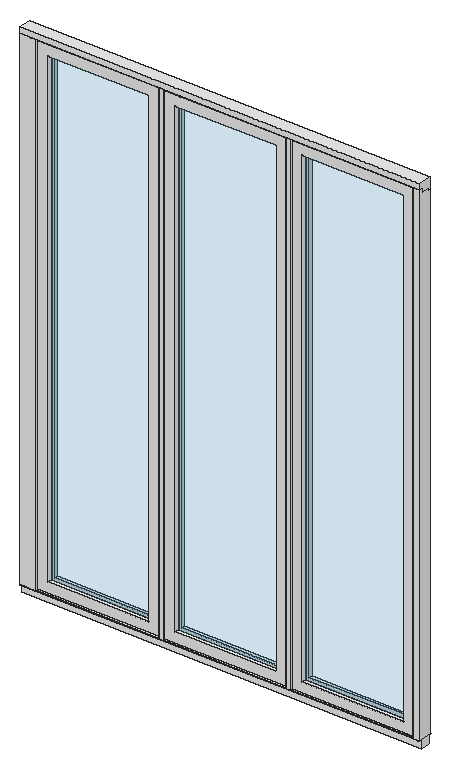
Revit family "Window-NanaWall-SL-73", category Windows, host Wall, Revit 2013 (continued)
Definition of nested family "Header_SL-73"
  Definition of nested family "Head_SL73"
    Lines and regions (in)
      model lines, style "DetailComponents", in view "Ref. Level"
        curve 400: line (0.66535, 0, 0) -> (0.2874, 0, 0)
        curve 401: line (0.25591, -0.0315, 0) -> (0.13427, -0.0315, 0)
        curve 402: line (0.82916, -0.65199, 0) -> (0.84435, -0.63681, 0)
        curve 403: line (0.87795, -0.65073, 0) -> (0.87795, -0.85433, 0)
        curve 404: line (0.93701, -0.91339, 0) -> (0.97638, -0.91339, 0)
        curve 405: line (1.01575, -0.87402, 0) -> (1.01575, -0.85433, 0)
        curve 406: line (1.01575, -0.85433, 0) -> (0.93701, -0.85433, 0)
        curve 407: line (0.93701, -0.85433, 0) -> (0.93701, -0.26772, 0)
        curve 408: line (0.93701, -0.26772, 0) -> (1.49606, -0.26772, 0)
        curve 409: line (1.49606, -0.26772, 0) -> (1.49606, -0.85433, 0)
        curve 410: line (1.49606, -0.85433, 0) -> (1.41732, -0.85433, 0)
        curve 411: line (1.41732, -0.85433, 0) -> (1.41732, -0.87402, 0)
        curve 412: line (1.45669, -0.91339, 0) -> (1.49606, -0.91339, 0)
        curve 413: line (1.49606, -0.91339, 0) -> (1.49606, -1.11024, 0)
        curve 414: line (1.49606, -1.11024, 0) -> (1.00394, -1.11024, 0)
        curve 415: line (0.93307, -1.1811, 0) -> (0.93307, -1.30709, 0)
        curve 416: line (0.93307, -1.30709, 0) -> (0.61024, -1.30709, 0)
        curve 417: line (0.53937, -1.37795, 0) -> (0.53937, -1.4252, 0)
        curve 418: line (0.53937, -1.4252, 0) -> (0.32677, -1.4252, 0)
        curve 419: line (0.32677, -1.4252, 0) -> (0.32677, -0.07087, 0)
        curve 420: line (0.32677, -0.07087, 0) -> (0.63386, -0.07087, 0)
        curve 421: line (0.63386, -0.07087, 0) -> (0.63386, -0.38843, 0)
        curve 422: line (0.63386, -0.38843, 0) -> (0.65748, -0.40206, 0)
        curve 423: line (0.65748, -0.40206, 0) -> (0.65748, -0.56383, 0)
        curve 424: line (0.65748, -0.56383, 0) -> (0.74564, -0.65199, 0)
        curve 425: line (-0.32328, -0.02854, 0) -> (0.04769, -0.02854, 0)
        curve 426: line (-0.00914, -0.09941, 0) -> (-0.26645, -0.09941, 0)
        curve 427: line (-0.52362, -0.10531, 0) -> (-0.50236, -0.10531, 0)
        curve 428: line (-0.50236, -0.10531, 0) -> (-0.42565, -0.14961, 0)
        curve 429: line (0.15006, -0.14961, 0) -> (0.22677, -0.10531, 0)
        curve 430: line (0.22677, -0.10531, 0) -> (0.24803, -0.10531, 0)
        curve 431: line (-0.51969, -0.09161, 0) -> (-0.42565, -0.14961, 0)
        curve 432: line (-0.42565, -0.14961, 0) -> (-0.41591, -0.14961, 0)
        curve 433: line (0.24803, -0.27264, 0) -> (0.22677, -0.27264, 0)
        curve 434: line (0.22677, -0.27264, 0) -> (0.15006, -0.22835, 0)
        curve 435: line (-0.38636, -0.22835, 0) -> (-0.42565, -0.22835, 0)
        curve 436: line (-0.42565, -0.22835, 0) -> (-0.50236, -0.27264, 0)
        curve 437: line (-0.50236, -0.27264, 0) -> (-0.52362, -0.27264, 0)
        curve 438: line (-0.39886, -0.13976, 0) -> (-0.34033, -0.03839, 0)
        curve 439: line (-0.30055, -0.11909, 0) -> (-0.35226, -0.20866, 0)
        curve 440: line (-0.5315, -0.26476, 0) -> (-0.5315, -0.11319, 0)
        curve 441: line (0.25591, -0.11319, 0) -> (0.25591, -0.26476, 0)
        curve 442: line (0.07667, -0.20866, 0) -> (0.02496, -0.11909, 0)
        curve 443: line (0.06474, -0.03839, 0) -> (0.12327, -0.13976, 0)
        curve 444: line (-0.52362, -0.74311, 0) -> (-0.50236, -0.74311, 0)
        curve 445: line (-0.50236, -0.74311, 0) -> (-0.42565, -0.7874, 0)
        curve 446: line (-0.42565, -0.7874, 0) -> (-0.51969, -0.7294, 0)
        curve 447: line (0.15006, -0.7874, 0) -> (0.22677, -0.74311, 0)
        curve 448: line (0.22677, -0.74311, 0) -> (0.24803, -0.74311, 0)
        curve 449: line (-0.42565, -0.7874, 0) -> (-0.38636, -0.7874, 0)
        curve 450: line (0.24803, -0.91043, 0) -> (0.22677, -0.91043, 0)
        curve 451: line (0.22677, -0.91043, 0) -> (0.15006, -0.86614, 0)
        curve 452: line (-0.41591, -0.86614, 0) -> (-0.42565, -0.86614, 0)
        curve 453: line (-0.42565, -0.86614, 0) -> (-0.50236, -0.91043, 0)
        curve 454: line (-0.50236, -0.91043, 0) -> (-0.52362, -0.91043, 0)
        curve 455: line (-0.26645, -0.91634, 0) -> (-0.00914, -0.91634, 0)
        curve 456: line (0.04769, -0.9872, 0) -> (-0.32328, -0.9872, 0)
        curve 457: line (-0.5315, -0.90256, 0) -> (-0.5315, -0.75098, 0)
        curve 458: line (0.02496, -0.89665, 0) -> (0.07667, -0.80709, 0)
        curve 459: line (0.12327, -0.87598, 0) -> (0.06474, -0.97736, 0)
        curve 460: line (0.25591, -0.75098, 0) -> (0.25591, -0.90256, 0)
        curve 461: line (-0.34033, -0.97736, 0) -> (-0.39886, -0.87598, 0)
        curve 462: line (-0.35226, -0.80709, 0) -> (-0.30055, -0.89665, 0)
        curve 463: line (-0.82908, -0.46159, 0) -> (-0.85827, -0.49078, 0)
        curve 464: line (-0.85827, -0.49078, 0) -> (-0.85827, -0.53937, 0)
        curve 465: line (-0.85827, -0.53937, 0) -> (-0.7874, -0.61024, 0)
        curve 466: line (-0.7874, -0.61024, 0) -> (-0.71654, -0.53937, 0)
        curve 467: line (-0.71654, -0.53937, 0) -> (-0.71654, -0.49078, 0)
        curve 468: line (-0.71654, -0.49078, 0) -> (-0.74573, -0.46159, 0)
        curve 469: line (-0.74573, -0.45045, 0) -> (-0.71654, -0.42126, 0)
        curve 470: line (-0.71654, -0.42126, 0) -> (-0.71654, -0.36797, 0)
        curve 471: line (-0.71654, -0.36797, 0) -> (-0.69291, -0.35433, 0)
        curve 472: line (-0.69291, -0.35433, 0) -> (-0.71654, -0.34069, 0)
        curve 473: line (-0.71654, -0.34069, 0) -> (-0.71654, -0.30498, 0)
        curve 474: line (-0.71654, -0.30498, 0) -> (-0.69291, -0.29134, 0)
        curve 475: line (-0.69291, -0.29134, 0) -> (-0.71654, -0.2777, 0)
        curve 476: line (-0.71654, -0.2777, 0) -> (-0.71654, -0.24198, 0)
        curve 477: line (-0.71654, -0.24198, 0) -> (-0.69291, -0.22835, 0)
        curve 478: line (-0.69291, -0.22835, 0) -> (-0.71654, -0.21471, 0)
        curve 479: line (-0.71654, -0.21471, 0) -> (-0.71654, -0.17899, 0)
        curve 480: line (-0.71654, -0.17899, 0) -> (-0.69291, -0.16535, 0)
        curve 481: line (-0.69291, -0.16535, 0) -> (-0.71654, -0.15172, 0)
        curve 482: line (-0.71654, -0.15172, 0) -> (-0.71654, -0.116, 0)
        curve 483: line (-0.71654, -0.116, 0) -> (-0.69291, -0.10236, 0)
        curve 484: line (-0.69291, -0.10236, 0) -> (-0.71654, -0.08872, 0)
        curve 485: line (-0.71654, -0.08872, 0) -> (-0.71654, -0.05118, 0)
        curve 486: line (-0.71654, -0.05118, 0) -> (-0.66535, 0, 0)
        curve 487: line (-0.66535, 0, 0) -> (-0.56299, 0, 0)
        curve 488: line (-0.5315, -0.0315, 0) -> (-0.40987, -0.0315, 0)
        curve 489: line (-0.39085, -0.05628, 0) -> (-0.41365, -0.14138, 0)
        curve 490: line (-0.5315, -0.09843, 0) -> (-0.5315, -0.27953, 0)
        curve 491: line (-0.51969, -0.28635, 0) -> (-0.4252, -0.23179, 0)
        curve 492: line (-0.41339, -0.23861, 0) -> (-0.41339, -0.29317, 0)
        curve 493: line (-0.43307, -0.32726, 0) -> (-0.5315, -0.38409, 0)
        curve 494: line (-0.5315, -0.38409, 0) -> (-0.5315, -0.63166, 0)
        curve 495: line (-0.5315, -0.63166, 0) -> (-0.43307, -0.68849, 0)
        curve 496: line (-0.41339, -0.72258, 0) -> (-0.41339, -0.77714, 0)
        curve 497: line (-0.5315, -0.73622, 0) -> (-0.5315, -0.91732, 0)
        curve 498: line (-0.51969, -0.92414, 0) -> (-0.4252, -0.86959, 0)
        curve 499: line (-0.41365, -0.87437, 0) -> (-0.39085, -0.95947, 0)
        curve 500: line (-0.40987, -0.98425, 0) -> (-0.5315, -0.98425, 0)
        curve 501: line (-0.5315, -0.98425, 0) -> (-0.5315, -1.77559, 0)
        curve 502: line (-0.60236, -1.77559, 0) -> (-0.60236, -1.49606, 0)
        curve 503: line (-0.60236, -1.49606, 0) -> (-0.66142, -1.49606, 0)
        curve 504: line (-0.66142, -1.49606, 0) -> (-0.66997, -1.56446, 0)
        curve 505: line (-0.68169, -1.5748, 0) -> (-0.73564, -1.5748, 0)
        curve 506: line (-0.74736, -1.56446, 0) -> (-0.75591, -1.49606, 0)
        curve 507: line (-0.75591, -1.49606, 0) -> (-0.81496, -1.49606, 0)
        curve 508: line (-0.81496, -1.49606, 0) -> (-0.81496, -1.88189, 0)
        curve 509: line (-0.80709, -1.89303, 0) -> (-0.80709, -1.91732, 0)
        curve 510: line (-0.8189, -1.92913, 0) -> (-0.84646, -1.92913, 0)
        curve 511: line (-0.88583, -1.88976, 0) -> (-0.88583, -0.91339, 0)
        curve 512: line (-0.88583, -0.91339, 0) -> (-1.04253, -0.91339, 0)
        curve 513: line (-1.04253, -0.91339, 0) -> (-1.06299, -0.90157, 0)
        curve 514: line (-1.06299, -0.90157, 0) -> (-1.08345, -0.91339, 0)
        curve 515: line (-1.08345, -0.91339, 0) -> (-1.49606, -0.91339, 0)
        curve 516: line (-1.49606, -0.91339, 0) -> (-1.49606, -1.91732, 0)
        curve 517: line (-1.49606, -1.91732, 0) -> (-1.42913, -1.91732, 0)
        curve 518: line (-1.37008, -1.97638, 0) -> (-1.37008, -2.05512, 0)
        curve 519: line (-1.37008, -2.05512, 0) -> (-1.40945, -2.05512, 0)
        curve 520: line (-1.40945, -2.05512, 0) -> (-1.40945, -1.97638, 0)
        curve 521: line (-1.40945, -1.97638, 0) -> (-1.49606, -1.97638, 0)
        curve 522: line (-1.49606, -1.97638, 0) -> (-1.49606, -2.3622, 0)
        curve 523: line (-1.38976, -2.32283, 0) -> (-1.40945, -2.32283, 0)
        curve 524: line (-1.40945, -2.32283, 0) -> (-1.40945, -2.38189, 0)
        curve 525: line (-1.40945, -2.38189, 0) -> (-1.38976, -2.38189, 0)
        curve 526: line (-1.38976, -2.38189, 0) -> (-1.38976, -2.47972, 0)
        curve 527: line (-1.38976, -2.47972, 0) -> (-1.38976, -2.38189, 0)
        curve 528: line (-1.38976, -2.38189, 0) -> (-1.40945, -2.38189, 0)
        curve 529: line (-1.40945, -2.38189, 0) -> (-1.40945, -2.32283, 0)
        curve 530: line (-1.40945, -2.32283, 0) -> (-1.38976, -2.32283, 0)
        curve 531: line (-1.27953, -2.26378, 0) -> (-1.33071, -2.26378, 0)
        curve 532: line (-1.33071, -2.26378, 0) -> (-1.27953, -2.26378, 0)
        curve 533: line (-1.24016, -2.33071, 0) -> (-1.24016, -2.30315, 0)
        curve 534: line (-1.24016, -2.30315, 0) -> (-1.24016, -2.33071, 0)
        curve 535: line (-1.25984, -2.47244, 0) -> (-1.27953, -2.47244, 0)
        curve 536: line (-1.27953, -2.47244, 0) -> (-1.27953, -2.51969, 0)
        curve 537: line (-1.27953, -2.51969, 0) -> (-1.33071, -2.51969, 0)
        curve 538: line (-1.33071, -2.51969, 0) -> (-1.33071, -2.30315, 0)
        curve 539: line (-1.33071, -2.30315, 0) -> (-1.27953, -2.30315, 0)
        curve 540: line (-1.27953, -2.30315, 0) -> (-1.27953, -2.35039, 0)
        curve 541: line (-1.27953, -2.35039, 0) -> (-1.25984, -2.35039, 0)
        curve 542: line (-1.25984, -2.35039, 0) -> (-1.27953, -2.35039, 0)
        curve 543: line (-1.27953, -2.35039, 0) -> (-1.27953, -2.30315, 0)
        curve 544: line (-1.27953, -2.30315, 0) -> (-1.33071, -2.30315, 0)
        curve 545: line (-1.33071, -2.30315, 0) -> (-1.33071, -2.51969, 0)
        curve 546: line (-1.33071, -2.51969, 0) -> (-1.27953, -2.51969, 0)
        curve 547: line (-1.27953, -2.51969, 0) -> (-1.27953, -2.47244, 0)
        curve 548: line (-1.27953, -2.47244, 0) -> (-1.25984, -2.47244, 0)
        curve 549: line (-1.24016, -2.49213, 0) -> (-1.24016, -2.55906, 0)
        curve 550: line (-1.24016, -2.55906, 0) -> (-1.37795, -2.55906, 0)
        curve 551: line (-1.5748, -2.3622, 0) -> (-1.5748, 0, 0)
        curve 552: line (-1.5748, 0, 0) -> (-1.45675, 0, 0)
        curve 553: line (-1.45675, 0, 0) -> (-1.44093, -0.05906, 0)
        curve 554: line (-1.44093, -0.05906, 0) -> (-1.51967, -0.05906, 0)
        curve 555: line (-1.51967, -0.05906, 0) -> (-1.51967, -0.19685, 0)
        curve 556: line (-1.51967, -0.19685, 0) -> (-1.24093, -0.19685, 0)
        curve 557: line (-1.24093, -0.19685, 0) -> (-1.22047, -0.20866, 0)
        curve 558: line (-1.22047, -0.20866, 0) -> (-1.20002, -0.19685, 0)
        curve 559: line (-1.20002, -0.19685, 0) -> (-0.94488, -0.19685, 0)
        curve 560: line (-0.94488, -0.19685, 0) -> (-0.94488, -0.05906, 0)
        curve 561: line (-0.94488, -0.05906, 0) -> (-1.02362, -0.05906, 0)
        curve 562: line (-1.02362, -0.05906, 0) -> (-1.0078, 0, 0)
        curve 563: line (-1.0078, 0, 0) -> (-0.90945, 0, 0)
        curve 564: line (-0.90945, 0, 0) -> (-0.85827, -0.05118, 0)
        curve 565: line (-0.85827, -0.05723, 0) -> (-0.88189, -0.07087, 0)
        curve 566: line (-0.88189, -0.07087, 0) -> (-0.85827, -0.0845, 0)
        curve 567: line (-0.85827, -0.0845, 0) -> (-0.85827, -0.12022, 0)
        curve 568: line (-0.85827, -0.12022, 0) -> (-0.88189, -0.13386, 0)
        curve 569: line (-0.88189, -0.13386, 0) -> (-0.85827, -0.1475, 0)
        curve 570: line (-0.85827, -0.1475, 0) -> (-0.85827, -0.18321, 0)
        curve 571: line (-0.85827, -0.18321, 0) -> (-0.88189, -0.19685, 0)
        curve 572: line (-0.88189, -0.19685, 0) -> (-0.85827, -0.21049, 0)
        curve 573: line (-0.85827, -0.21049, 0) -> (-0.85827, -0.2462, 0)
        curve 574: line (-0.85827, -0.2462, 0) -> (-0.88189, -0.25984, 0)
        curve 575: line (-0.88189, -0.25984, 0) -> (-0.85827, -0.27348, 0)
        curve 576: line (-0.85827, -0.27348, 0) -> (-0.85827, -0.3092, 0)
        curve 577: line (-0.85827, -0.3092, 0) -> (-0.88189, -0.32283, 0)
        curve 578: line (-0.88189, -0.32283, 0) -> (-0.85827, -0.33647, 0)
        curve 579: line (-0.85827, -0.33647, 0) -> (-0.85827, -0.37219, 0)
        curve 580: line (-0.85827, -0.37219, 0) -> (-0.88189, -0.38583, 0)
        curve 581: line (-0.88189, -0.38583, 0) -> (-0.85827, -0.39946, 0)
        curve 582: line (-0.85827, -0.39946, 0) -> (-0.85827, -0.42126, 0)
        curve 583: line (-0.85827, -0.42126, 0) -> (-0.82908, -0.45045, 0)
        curve 584: line (0.41339, -3.0717, 0) -> (0.41339, -2.93784, 0)
        curve 585: line (0.41339, -2.93784, 0) -> (0.41339, -3.0717, 0)
        curve 586: line (0.41339, -3.0717, 0) -> (0.41339, -3.1063, 0)
        curve 587: line (-0.5315, -3.0717, 0) -> (-0.5315, -2.93784, 0)
        curve 588: line (0.39764, -3.08745, 0) -> (0.38346, -3.08745, 0)
        curve 589: line (0.38346, -3.08745, 0) -> (0.35864, -3.07312, 0)
        curve 590: line (0.35864, -3.07312, 0) -> (0.33676, -3.06049, 0)
        curve 591: line (0.33379, -3.05877, 0) -> (0.3261, -3.05433, 0)
        curve 592: line (0.3261, -3.05433, 0) -> (0.31942, -3.05047, 0)
        curve 593: line (0.2958, -3.04414, 0) -> (-0.41391, -3.04414, 0)
        curve 594: line (-0.43753, -3.05047, 0) -> (-0.44421, -3.05433, 0)
        curve 595: line (-0.44421, -3.05433, 0) -> (-0.4519, -3.05877, 0)
        curve 596: line (-0.45487, -3.06049, 0) -> (-0.47675, -3.07312, 0)
        curve 597: line (-0.47675, -3.07312, 0) -> (-0.50157, -3.08745, 0)
        curve 598: line (-0.50157, -3.08745, 0) -> (-0.51575, -3.08745, 0)
        curve 599: line (-0.5315, -3.1063, 0) -> (-0.5315, -3.0717, 0)
        curve 600: line (-0.5315, -3.0717, 0) -> (-0.5315, -2.93784, 0)
        curve 601: line (-0.5315, -2.93784, 0) -> (-0.5315, -2.91732, 0)
        curve 602: line (-0.5315, -2.91732, 0) -> (-0.50197, -2.91732, 0)
        curve 603: line (-0.50157, -2.9221, 0) -> (-0.51575, -2.9221, 0)
        curve 604: line (-0.43753, -2.95907, 0) -> (-0.45079, -2.95142, 0)
        curve 605: line (-0.45079, -2.95142, 0) -> (-0.50157, -2.9221, 0)
        curve 606: line (-0.50157, -2.9221, 0) -> (-0.44882, -2.94801, 0)
        curve 607: line (0.2958, -2.9654, 0) -> (-0.41391, -2.9654, 0)
        curve 608: line (0.39764, -2.9221, 0) -> (0.38346, -2.9221, 0)
        curve 609: line (0.38346, -2.9221, 0) -> (0.33268, -2.95142, 0)
        curve 610: line (0.33268, -2.95142, 0) -> (0.31942, -2.95907, 0)
        curve 611: line (0.41339, -2.34168, 0) -> (0.41339, -2.47554, 0)
        curve 612: line (-0.5315, -2.34168, 0) -> (-0.5315, -2.47554, 0)
        curve 613: line (-0.5315, -2.47554, 0) -> (-0.5315, -2.34168, 0)
        curve 614: line (-0.5315, -2.34168, 0) -> (-0.5315, -2.30709, 0)
        curve 615: line (0.39764, -2.49129, 0) -> (0.38346, -2.49129, 0)
        curve 616: line (0.38346, -2.49129, 0) -> (0.33268, -2.46197, 0)
        curve 617: line (0.33268, -2.46197, 0) -> (0.32677, -2.45856, 0)
        curve 618: line (0.32677, -2.45856, 0) -> (0.31942, -2.45431, 0)
        curve 619: line (0.2958, -2.44798, 0) -> (-0.41391, -2.44798, 0)
        curve 620: line (-0.43753, -2.45431, 0) -> (-0.45079, -2.46197, 0)
        curve 621: line (-0.45079, -2.46197, 0) -> (-0.50157, -2.49129, 0)
        curve 622: line (-0.50157, -2.49129, 0) -> (-0.51575, -2.49129, 0)
        curve 623: line (-0.43753, -2.36291, 0) -> (-0.44421, -2.35906, 0)
        curve 624: line (-0.44421, -2.35906, 0) -> (-0.4519, -2.35462, 0)
        curve 625: line (-0.45487, -2.3529, 0) -> (-0.47675, -2.34027, 0)
        curve 626: line (-0.47675, -2.34027, 0) -> (-0.50157, -2.32594, 0)
        curve 627: line (-0.50157, -2.32594, 0) -> (-0.51575, -2.32594, 0)
        curve 628: line (0.2958, -2.36924, 0) -> (-0.41391, -2.36924, 0)
        curve 629: line (0.39764, -2.32594, 0) -> (0.38346, -2.32594, 0)
        curve 630: line (0.38346, -2.32594, 0) -> (0.35864, -2.34027, 0)
        curve 631: line (0.35864, -2.34027, 0) -> (0.33676, -2.3529, 0)
        curve 632: line (0.33379, -2.35462, 0) -> (0.3261, -2.35906, 0)
        curve 633: line (0.3261, -2.35906, 0) -> (0.31942, -2.36291, 0)
        curve 634: line (-0.43307, -2.90551, 0) -> (-0.43307, -2.94801, 0)
        curve 635: line (-0.4735, -3.07875, 0) -> (-0.45162, -3.06612, 0)
        curve 636: line (-0.43719, -3.06014, 0) -> (-0.42243, -3.11524, 0)
        curve 637: line (-0.41102, -3.12399, 0) -> (-0.35433, -3.12399, 0)
        curve 638: line (-0.35433, -3.12399, 0) -> (-0.35433, -3.13187, 0)
        curve 639: line (-0.40008, -3.16682, 0) -> (-0.40782, -3.17456, 0)
        curve 640: line (-0.40782, -3.17456, 0) -> (-0.51191, -3.16827, 0)
        curve 641: line (-0.68871, -3.12015, 0) -> (-0.67554, -3.16929, 0)
        curve 642: line (-0.67554, -3.16929, 0) -> (-0.52849, -3.16929, 0)
        curve 643: line (-1.11024, -3.6811, 0) -> (-1.11024, -3.16929, 0)
        curve 644: line (-1.11024, -3.16929, 0) -> (-0.97244, -3.16929, 0)
        curve 645: line (-0.97244, -3.16929, 0) -> (-0.97244, -3.12992, 0)
        curve 646: line (-0.97244, -3.12992, 0) -> (-1.11024, -3.11024, 0)
        curve 647: line (-1.11024, -3.11024, 0) -> (-1.11024, -2.97638, 0)
        curve 648: line (-1.11024, -2.97638, 0) -> (-0.61024, -2.97638, 0)
        curve 649: line (-0.61024, -2.97638, 0) -> (-0.61024, -3.11024, 0)
        curve 650: line (-0.61024, -3.11024, 0) -> (-0.6811, -3.11024, 0)
        curve 651: line (-0.8937, -3.86597, 0) -> (-0.8937, -3.55118, 0)
        curve 652: line (-0.83465, -3.49213, 0) -> (-0.75591, -3.49213, 0)
        curve 653: line (-0.74803, -3.53937, 0) -> (-0.74803, -3.57874, 0)
        curve 654: line (-0.74803, -3.57874, 0) -> (-0.70866, -3.57874, 0)
        curve 655: line (-0.70866, -3.57874, 0) -> (-0.70866, -3.53937, 0)
        curve 656: line (-0.70866, -3.53937, 0) -> (-0.70866, -3.57874, 0)
        curve 657: line (-0.70866, -3.57874, 0) -> (-0.74803, -3.57874, 0)
        curve 658: line (-0.74803, -3.57874, 0) -> (-0.74803, -3.53937, 0)
        curve 659: line (-0.74803, -3.53937, 0) -> (-0.82677, -3.53937, 0)
        curve 660: line (-0.82677, -3.53937, 0) -> (-0.82677, -3.89764, 0)
        curve 661: line (-0.82677, -3.89764, 0) -> (-0.74803, -3.89764, 0)
        curve 662: line (-0.74803, -3.89764, 0) -> (-0.74803, -3.85827, 0)
        curve 663: line (-0.74803, -3.85827, 0) -> (-0.70866, -3.85827, 0)
        curve 664: line (-0.70866, -3.85827, 0) -> (-0.70866, -3.95669, 0)
        curve 665: line (-0.70866, -3.95669, 0) -> (-0.90551, -3.95669, 0)
        curve 666: line (-1.1811, -3.6811, 0) -> (-1.1811, -2.24409, 0)
        curve 667: line (-0.98452, -2.29324, 0) -> (-0.99769, -2.24409, 0)
        curve 668: line (-0.6811, -2.30315, 0) -> (-0.61024, -2.30315, 0)
        curve 669: line (-0.61024, -2.30315, 0) -> (-0.61024, -2.43701, 0)
        curve 670: line (-0.61024, -2.43701, 0) -> (-1.11024, -2.43701, 0)
        curve 671: line (-1.11024, -2.43701, 0) -> (-1.11024, -2.30315, 0)
        curve 672: line (-1.11024, -2.30315, 0) -> (-0.99213, -2.30315, 0)
        curve 673: line (-0.52849, -2.24409, 0) -> (-0.67554, -2.24409, 0)
        curve 674: line (-0.67554, -2.24409, 0) -> (-0.68871, -2.29324, 0)
        curve 675: line (-0.51191, -2.24511, 0) -> (-0.41407, -2.23655, 0)
        curve 676: line (-0.41407, -2.23655, 0) -> (-0.40008, -2.24656, 0)
        curve 677: line (-0.35433, -2.28152, 0) -> (-0.35433, -2.28939, 0)
        curve 678: line (-0.35433, -2.28939, 0) -> (-0.40986, -2.28939, 0)
        curve 679: line (-0.42243, -2.29815, 0) -> (-0.43719, -2.35324, 0)
        curve 680: line (-0.45162, -2.34727, 0) -> (-0.4735, -2.33464, 0)
        curve 681: line (-0.5315, -2.47554, 0) -> (-0.5315, -2.49606, 0)
        curve 682: line (-0.5315, -2.49606, 0) -> (-0.50197, -2.49606, 0)
        curve 683: line (-0.49961, -2.4947, 0) -> (-0.44882, -2.46538, 0)
        curve 684: line (-0.43307, -2.46538, 0) -> (-0.43307, -2.50787, 0)
        curve 685: line (-0.5, -2.5748, 0) -> (-0.5315, -2.5748, 0)
        curve 686: line (-0.5315, -2.5748, 0) -> (-0.5315, -2.83858, 0)
        curve 687: line (-0.5315, -2.83858, 0) -> (-0.5, -2.83858, 0)
        curve 688: line (-0.61024, -2.50394, 0) -> (-0.61024, -2.90945, 0)
        curve 689: line (-0.61024, -2.90945, 0) -> (-1.11024, -2.90945, 0)
        curve 690: line (-1.11024, -2.90945, 0) -> (-1.11024, -2.50394, 0)
        curve 691: line (-1.11024, -2.50394, 0) -> (-0.61024, -2.50394, 0)
        curve 692: line (0.5706, -3.12015, 0) -> (0.55743, -3.16929, 0)
        curve 693: line (0.55743, -3.16929, 0) -> (0.41038, -3.16929, 0)
        curve 694: line (0.41038, -2.24409, 0) -> (0.45276, -2.24409, 0)
        curve 695: line (0.33351, -2.34727, 0) -> (0.35538, -2.33464, 0)
        curve 696: line (0.30432, -2.29815, 0) -> (0.31908, -2.35324, 0)
        curve 697: line (0.23622, -2.28152, 0) -> (0.23622, -2.28939, 0)
        curve 698: line (0.23622, -2.28939, 0) -> (0.29291, -2.28939, 0)
        curve 699: line (0.3938, -2.24511, 0) -> (0.28971, -2.23883, 0)
        curve 700: line (0.28971, -2.23883, 0) -> (0.28197, -2.24656, 0)
        curve 701: line (0.49213, -2.28346, 0) -> (0.49213, -2.43701, 0)
        curve 702: line (0.49213, -2.43701, 0) -> (0.74803, -2.43701, 0)
        curve 703: line (0.74803, -2.43701, 0) -> (0.74803, -2.16929, 0)
        curve 704: line (0.76772, -1.95276, 0) -> (0.7874, -1.95276, 0)
        curve 705: line (0.7874, -1.95276, 0) -> (0.7874, -1.91339, 0)
        curve 706: line (0.7874, -1.91339, 0) -> (0.94488, -1.91339, 0)
        curve 707: line (0.94488, -1.91339, 0) -> (0.94488, -2.18898, 0)
        curve 708: line (0.94488, -2.18898, 0) -> (0.7874, -2.18898, 0)
        curve 709: line (0.7874, -2.18898, 0) -> (0.7874, -2.14961, 0)
        curve 710: line (0.7874, -2.14961, 0) -> (0.76772, -2.14961, 0)
        curve 711: line (0.74803, -1.93307, 0) -> (0.74803, -1.88583, 0)
        curve 712: line (0.7874, -1.84646, 0) -> (0.94488, -1.84646, 0)
        curve 713: line (0.94488, -1.84646, 0) -> (0.94488, -1.7005, 0)
        curve 714: line (1.08241, -1.70269, 0) -> (1.06924, -1.65354, 0)
        curve 715: line (1.06924, -1.65354, 0) -> (0.98082, -1.66128, 0)
        curve 716: line (1.38583, -1.7126, 0) -> (1.50394, -1.7126, 0)
        curve 717: line (1.50394, -1.7126, 0) -> (1.50394, -1.84646, 0)
        curve 718: line (1.50394, -1.84646, 0) -> (1.00394, -1.84646, 0)
        curve 719: line (1.00394, -1.84646, 0) -> (1.00394, -1.7126, 0)
        curve 720: line (1.00394, -1.7126, 0) -> (1.0748, -1.7126, 0)
        curve 721: line (1.39139, -1.65354, 0) -> (1.37822, -1.70269, 0)
        curve 722: line (1.5748, -1.65354, 0) -> (1.5748, -3.16929, 0)
        curve 723: line (1.5748, -3.16929, 0) -> (1.43315, -3.16929, 0)
        curve 724: line (1.43315, -3.16929, 0) -> (1.41732, -3.11024, 0)
        curve 725: line (1.41732, -3.11024, 0) -> (1.49606, -3.11024, 0)
        curve 726: line (1.49606, -3.11024, 0) -> (1.49606, -2.97244, 0)
        curve 727: line (1.49606, -2.97244, 0) -> (0.94488, -2.97244, 0)
        curve 728: line (0.94488, -2.97244, 0) -> (0.94488, -3.11024, 0)
        curve 729: line (0.94488, -3.11024, 0) -> (1.02362, -3.11024, 0)
        curve 730: line (1.02362, -3.11024, 0) -> (1.0078, -3.16929, 0)
        curve 731: line (1.0078, -3.16929, 0) -> (0.82052, -3.16929, 0)
        curve 732: line (0.82052, -3.16929, 0) -> (0.80735, -3.12015, 0)
        curve 733: line (0.56299, -3.11024, 0) -> (0.49213, -3.11024, 0)
        curve 734: line (0.49213, -3.11024, 0) -> (0.49213, -2.97638, 0)
        curve 735: line (0.49213, -2.97638, 0) -> (0.88583, -2.97638, 0)
        curve 736: line (0.88583, -2.97638, 0) -> (0.88583, -3.11024, 0)
        curve 737: line (0.88583, -3.11024, 0) -> (0.81496, -3.11024, 0)
        curve 738: line (0.3938, -3.16827, 0) -> (0.29596, -3.17683, 0)
        curve 739: line (0.29596, -3.17683, 0) -> (0.28197, -3.16682, 0)
        curve 740: line (0.23622, -3.13187, 0) -> (0.23622, -3.12399, 0)
        curve 741: line (0.23622, -3.12399, 0) -> (0.29291, -3.12399, 0)
        curve 742: line (0.30432, -3.11524, 0) -> (0.31908, -3.06014, 0)
        curve 743: line (0.33351, -3.06612, 0) -> (0.35538, -3.07875, 0)
        curve 744: line (0.41339, -2.93784, 0) -> (0.41339, -2.91732, 0)
        curve 745: line (0.41339, -2.91732, 0) -> (0.38386, -2.91732, 0)
        curve 746: line (0.3815, -2.91869, 0) -> (0.33071, -2.94801, 0)
        curve 747: line (0.31496, -2.94801, 0) -> (0.31496, -2.90551, 0)
        curve 748: line (0.38189, -2.83858, 0) -> (0.41339, -2.83858, 0)
        curve 749: line (0.41339, -2.83858, 0) -> (0.41339, -2.5748, 0)
        curve 750: line (0.41339, -2.5748, 0) -> (0.38189, -2.5748, 0)
        curve 751: line (0.31496, -2.46538, 0) -> (0.31496, -2.50787, 0)
        curve 752: line (0.41339, -2.30709, 0) -> (0.41339, -2.34168, 0)
        curve 753: line (0.41339, -2.34168, 0) -> (0.41339, -2.47554, 0)
        curve 754: line (0.41339, -2.47554, 0) -> (0.41339, -2.49606, 0)
        curve 755: line (0.41339, -2.49606, 0) -> (0.38386, -2.49606, 0)
        curve 756: line (0.3815, -2.4947, 0) -> (0.33071, -2.46538, 0)
        curve 757: line (1.01181, -2.18898, 0) -> (1.01181, -1.91339, 0)
        curve 758: line (1.01181, -1.91339, 0) -> (1.50394, -1.91339, 0)
        curve 759: line (1.50394, -1.91339, 0) -> (1.50394, -2.43701, 0)
        curve 760: line (1.50394, -2.43701, 0) -> (1.46457, -2.43701, 0)
        curve 761: line (0.81496, -2.43701, 0) -> (0.81496, -2.25591, 0)
        curve 762: line (0.81496, -2.25591, 0) -> (0.94488, -2.25591, 0)
        curve 763: line (1.4252, -2.47638, 0) -> (1.4252, -2.50394, 0)
        curve 764: line (1.4252, -2.50394, 0) -> (1.50394, -2.50394, 0)
        curve 765: line (1.50394, -2.50394, 0) -> (1.50394, -2.90945, 0)
        curve 766: line (1.50394, -2.90945, 0) -> (0.49213, -2.90945, 0)
        curve 767: line (0.49213, -2.90945, 0) -> (0.49213, -2.50394, 0)
        curve 768: line (0.49213, -2.50394, 0) -> (0.74803, -2.50394, 0)
        curve 769: line (-1.33071, -2.50591, 0) -> (-1.29134, -2.50591, 0)
        curve 770: line (-1.29134, -2.50591, 0) -> (-1.29134, -2.31693, 0)
        curve 771: line (-1.29134, -2.31693, 0) -> (-1.33071, -2.31693, 0)
        curve 772: line (-1.17323, -2.41142, 0) -> (-1.29134, -2.41142, 0)
        curve 773: line (-1.29134, -2.41142, 0) -> (-1.17323, -2.39059, 0)
        curve 774: line (-1.29134, -2.37144, 0) -> (-1.17323, -2.35061, 0)
        curve 775: line (-1.29134, -2.39143, 0) -> (-1.17323, -2.3706, 0)
        curve 776: line (-1.29134, -2.41142, 0) -> (-1.17323, -2.43224, 0)
        curve 777: line (-1.29134, -2.43141, 0) -> (-1.17323, -2.45223, 0)
        curve 778: line (-1.29134, -2.45139, 0) -> (-1.17323, -2.47222, 0)
        curve 779: line (-0.70866, -3.95669, 0) -> (-0.70866, -3.85827, 0)
        curve 780: line (-0.70866, -3.85827, 0) -> (-0.74803, -3.85827, 0)
        curve 781: line (-0.74803, -3.85827, 0) -> (-0.74803, -3.89764, 0)
        curve 782: line (-0.51192, -3.26772, 0) -> (0.1495, -3.26772, 0)
        curve 783: line (-0.60443, -3.26772, 0) -> (-0.60443, -3.16929, 0)
        curve 784: line (-0.60443, -3.16929, 0) -> (0.7378, -3.26772, 0)
        curve 785: line (0.7378, -3.26772, 0) -> (0.20236, -3.26772, 0)
        curve 786: line (0.20236, -3.26772, 0) -> (-0.60443, -3.26772, 0)
        curve 787: line (-0.60443, -3.26772, 0) -> (0.7378, -3.16929, 0)
        curve 788: line (0.7378, -3.16929, 0) -> (-0.60443, -3.16929, 0)
        curve 789: line (0.7378, -3.16929, 0) -> (0.7378, -3.26772, 0)
        curve 790: line (-0.47631, -3.37145, 0) -> (-0.53003, -3.42516, 0)
        curve 791: line (-0.53003, -3.44637, 0) -> (-0.47631, -3.50008, 0)
        curve 792: line (-0.47631, -3.5213, 0) -> (-0.53003, -3.57501, 0)
        curve 793: line (-0.53003, -3.59622, 0) -> (-0.47631, -3.64994, 0)
        curve 794: line (-0.47631, -3.67115, 0) -> (-0.53003, -3.72486, 0)
        curve 795: line (-0.53003, -3.74608, 0) -> (-0.47631, -3.79979, 0)
        curve 796: line (-0.47631, -3.821, 0) -> (-0.53003, -3.87472, 0)
        curve 797: line (-0.53003, -3.89593, 0) -> (-0.47631, -3.94964, 0)
        curve 798: line (-0.47631, -3.97086, 0) -> (-0.53003, -4.02457, 0)
        curve 799: line (-0.53003, -4.04578, 0) -> (-0.46131, -4.1145, 0)
        curve 800: line (-0.47613, -4.1395, 0) -> (-0.78693, -4.05038, 0)
        curve 801: line (-0.80866, -4.02154, 0) -> (-0.80866, -3.96169, 0)
        curve 802: line (-0.80866, -3.96169, 0) -> (-0.70866, -3.96169, 0)
        curve 803: line (-0.70866, -3.96169, 0) -> (-0.70866, -3.84827, 0)
        curve 804: line (-0.70866, -3.84827, 0) -> (-0.75803, -3.84827, 0)
        curve 805: line (-0.75803, -3.84827, 0) -> (-0.75803, -3.87327, 0)
        curve 806: line (-0.77376, -3.88146, 0) -> (-0.82177, -3.84784, 0)
        curve 807: line (-0.82177, -3.84784, 0) -> (-0.82177, -3.80323, 0)
        curve 808: line (-0.82177, -3.80323, 0) -> (-0.71589, -3.77486, 0)
        curve 809: line (-0.69366, -3.74588, 0) -> (-0.69366, -3.69112, 0)
        curve 810: line (-0.71589, -3.66215, 0) -> (-0.82177, -3.63378, 0)
        curve 811: line (-0.82177, -3.63378, 0) -> (-0.82177, -3.58916, 0)
        curve 812: line (-0.82177, -3.58916, 0) -> (-0.77376, -3.55555, 0)
        curve 813: line (-0.75803, -3.56374, 0) -> (-0.75803, -3.58874, 0)
        curve 814: line (-0.75803, -3.58874, 0) -> (-0.70866, -3.58874, 0)
        curve 815: line (-0.70866, -3.58874, 0) -> (-0.70866, -3.47213, 0)
        curve 816: line (-0.70866, -3.47213, 0) -> (-0.79866, -3.47213, 0)
        curve 817: line (-0.79866, -3.47213, 0) -> (-0.79866, -3.29213, 0)
        curve 818: line (-0.79866, -3.29213, 0) -> (-0.53442, -3.29213, 0)
        curve 819: line (-0.53442, -3.29213, 0) -> (-0.47631, -3.35023, 0)
        curve 820: line (0.79603, -3.79135, 0) -> (0.6763, -3.81246, 0)
        curve 821: line (0.68587, -3.86674, 0) -> (0.8056, -3.84563, 0)
        curve 822: line (0.69511, -4.06054, 0) -> (0.97636, -4.01094, 0)
        curve 823: line (0.97636, -4.01094, 0) -> (1.00786, -3.95639, 0)
        curve 824: line (1.00786, -3.95639, 0) -> (0.92912, -3.95639, 0)
        curve 825: line (0.92912, -3.95639, 0) -> (0.92912, -3.85797, 0)
        curve 826: line (0.92912, -3.85797, 0) -> (0.96061, -3.85797, 0)
        curve 827: line (0.96061, -3.85797, 0) -> (0.71287, -3.38888, 0)
        curve 828: line (0.65717, -3.4183, 0) -> (0.824, -3.73419, 0)
        curve 829: line (0.93159, -3.87765, 0) -> (0.93159, -3.91702, 0)
        curve 830: line (0.93159, -3.91702, 0) -> (0.93159, -3.87765, 0)
        curve 831: line (0.93159, -3.65324, 0) -> (0.93159, -3.6808, 0)
        curve 832: line (0.93159, -3.6808, 0) -> (0.93159, -3.65324, 0)
        curve 833: line (1.0497, -3.66112, 0) -> (1.0497, -3.89734, 0)
        curve 834: line (1.0497, -3.89734, 0) -> (0.97096, -3.89734, 0)
        curve 835: line (0.97096, -3.89734, 0) -> (0.97096, -3.85797, 0)
        curve 836: line (0.97096, -3.85797, 0) -> (0.95127, -3.85797, 0)
        curve 837: line (0.95127, -3.85797, 0) -> (0.97096, -3.85797, 0)
        curve 838: line (0.97096, -3.85797, 0) -> (0.97096, -3.89734, 0)
        curve 839: line (0.97096, -3.89734, 0) -> (1.0497, -3.89734, 0)
        curve 840: line (1.0497, -3.89734, 0) -> (1.0497, -3.66112, 0)
        curve 841: line (1.0497, -3.66112, 0) -> (0.97096, -3.66112, 0)
        curve 842: line (0.97096, -3.66112, 0) -> (0.97096, -3.70049, 0)
        curve 843: line (0.97096, -3.70049, 0) -> (0.95128, -3.70049, 0)
        curve 844: line (0.95128, -3.70049, 0) -> (0.97096, -3.70049, 0)
        curve 845: line (0.97096, -3.70049, 0) -> (0.97096, -3.66112, 0)
        curve 846: line (0.97096, -3.66112, 0) -> (1.0497, -3.66112, 0)
        curve 847: line (1.26799, -3.13794, 0) -> (1.26799, -3.16929, 0)
        curve 848: line (1.26799, -3.16929, 0) -> (1.26799, -3.13794, 0)
        curve 849: line (1.33885, -3.16929, 0) -> (1.33885, -3.15748, 0)
        curve 850: line (1.33885, -3.15748, 0) -> (1.33885, -3.16929, 0)
        curve 851: line (1.37822, -3.11811, 0) -> (1.37822, -3.10203, 0)
        curve 852: line (1.37822, -3.10203, 0) -> (1.37822, -3.11811, 0)
        curve 853: line (1.49606, -3.88946, 0) -> (1.49606, -3.27953, 0)
        curve 854: line (1.49606, -3.27953, 0) -> (1.49606, -3.88946, 0)
        curve 855: line (1.49606, -3.88946, 0) -> (1.08907, -3.88946, 0)
        curve 856: line (1.08907, -3.88946, 0) -> (1.08907, -3.65324, 0)
        curve 857: line (1.08907, -3.65324, 0) -> (1.08907, -3.88946, 0)
        curve 858: line (1.08907, -3.88946, 0) -> (1.49606, -3.88946, 0)
        curve 859: line (0.9513, -3.02229, 0) -> (0.94422, -3.06104, 0)
        curve 860: line (0.94422, -3.06104, 0) -> (0.9513, -3.02229, 0)
        curve 861: line (0.9907, -3.06952, 0) -> (0.99494, -3.04626, 0)
        curve 862: line (0.99494, -3.04626, 0) -> (1.25184, -3.11858, 0)
        curve 863: line (1.25184, -3.11858, 0) -> (0.99494, -3.04626, 0)
        curve 864: line (0.99494, -3.04626, 0) -> (0.9907, -3.06952, 0)
        curve 865: line (0.97096, -3.95639, 0) -> (1.5748, -3.95639, 0)
        curve 866: line (1.5748, -3.95639, 0) -> (1.5748, -3.16929, 0)
        curve 867: line (1.5748, -3.16929, 0) -> (1.53937, -3.16929, 0)
        curve 868: line (1.53937, -3.16929, 0) -> (1.5748, -3.16929, 0)
        curve 869: line (1.5748, -3.16929, 0) -> (1.5748, -3.95639, 0)
        curve 870: line (1.5748, -3.95639, 0) -> (0.97096, -3.95639, 0)
        curve 871: line (1.51969, -3.18898, 0) -> (1.35854, -3.18898, 0)
        curve 872: line (1.35854, -3.18898, 0) -> (1.51969, -3.18898, 0)
        curve 873: line (1.35854, -3.25984, 0) -> (1.47638, -3.25984, 0)
        curve 874: line (1.47638, -3.25984, 0) -> (1.35854, -3.25984, 0)
        curve 875: line (1.0497, -3.61387, 0) -> (0.97096, -3.61387, 0)
        curve 876: line (0.97096, -3.61387, 0) -> (1.0497, -3.61387, 0)
        curve 877: line (1.36209, -3.0827, 0) -> (1.059, -3.00193, 0)
        curve 878: line (1.059, -3.00193, 0) -> (1.36209, -3.0827, 0)
        curve 879: arc (0.9513, -3.02229, 0) -> (0.96766, -2.99696, 0) -> (0.99715, -2.99064, 0) r 0.03937
        curve 880: arc (0.99715, -2.99064, 0) -> (1.00284, -2.98951, 0) -> (1.00621, -2.98479, 0) r 0.00787
Definition of nested family "Left-Jamb_SL-73"
  Parameters (values of type "Left-Jamb_SL-73")
    built-in parameter 1001301 = 12"
    Left Jamb = Metal - NanaWall - Aluminum
    Height = 118 139/256"
    Half = yes
    Filler = Rubber - NanaWall - Black
    Assembly Code = ""
  Reference planes (in)
    plane 1 "Center (Front/Back)": y = 0
    plane 2: z = 0
    plane 3 "Center (Left/Right)": x = -7.30207
    plane 4 "Top": z = 118.54297
    plane 5: x = -2.78425
    plane 6: y = 1.5748
    plane 7: y = -1.5748
  Forms (in)
    Extrusion 1, solid, material "Metal - NanaWall - Aluminum" <- "Left Jamb"
      sketch origin (0, 0.06668, 0) x (1, 0, 0) y (0, 1, 0)
        loop
          line (-7.30207, -1.64148) -> (-4.74301, -1.64148) -> (-4.74301, -1.24778) -> (-2.78425, -1.24778) -> (-2.78425, 0.54355) -> (-3.36506, 0.54355) -> (-3.36506, 1.50812) -> (-7.30207, 1.50812) -> (-7.30207, -1.64148)
      from 0 to 118.54297
    Extrusion 2, solid, material "Rubber - NanaWall - Black" <- "Filler"
      sketch origin (0, 0, 0) x (1, 0, 0) y (0, 1, 0)
        loop
          line (-2.48908, -1.1811) -> (-2.48908, -0.49213) -> (-2.78425, -0.49213) -> (-2.78425, -1.1811) -> (-2.48908, -1.1811)
      from 0 to 118.54297
  Lines and regions (in)
    Masking region 1
      outline origin (0, 0.06668, 0) x (1, 0, 0) y (0, 1, 0)
        loop
          line (-4.74301, -1.64148) -> (-4.74301, -1.24778) -> (-2.78425, -1.24778) -> (-2.78425, 0.54355) -> (-3.36506, 0.54355) -> (-3.36506, 1.50812) -> (-7.30207, 1.50812) -> (-7.30207, -1.64148) -> (-4.74301, -1.64148)
    Masking region 2
      outline origin (0, 0, 0) x (1, 0, 0) y (0, 1, 0)
        loop
          line (-2.48908, -0.49213) -> (-2.78425, -0.49213) -> (-2.78425, -1.1811) -> (-2.48908, -1.1811) -> (-2.48908, -0.49213)
  Dimensions and locks (in)
    "Height": plane 4 "Top" to level
    plane 4 "Top" to level = 118 139/256"
    aligned: Extrusion 2 sketch curve to nested 1
    aligned and locked: Extrusion 2 sketch curve to nested 1  (x2)
    aligned: Extrusion 2 sketch curve to Extrusion 1
    aligned and locked: Masking region 2 sketch curve to Extrusion 2  (x3)
    aligned and locked: Masking region 2 sketch curve to Extrusion 1
    aligned and locked: plane 4 "Top" to Extrusion 2
    aligned and locked: plane 4 "Top" to Extrusion 1
  Automatic sketch dimensions
    Extrusion 1 sketch curve to plane 3 "Center (Left/Right)" = 0"
    Extrusion 1 sketch curve to Extrusion 1 sketch curve = 2.55906"
    Extrusion 1 sketch curve to plane 1 "Center (Front/Back)" = 1.5748"
    Extrusion 1 sketch curve to Extrusion 1 sketch curve = 1.37795"
    Extrusion 1 sketch curve to Extrusion 1 sketch curve = 0.58081"
    Extrusion 1 sketch curve to plane 1 "Center (Front/Back)" = 0.61024"
    plane 1 "Center (Front/Back)" to Extrusion 1 sketch curve = 1.1811"
    plane 1 "Center (Front/Back)" to Extrusion 1 sketch curve = 1.5748"
    Masking region 1 sketch curve to plane 3 "Center (Left/Right)" = 0"
    plane 1 "Center (Front/Back)" to Masking region 1 sketch curve = 1.1811"
    plane 3 "Center (Left/Right)" to Masking region 1 sketch curve = 2.55906"
    Masking region 1 sketch curve to plane 1 "Center (Front/Back)" = 1.5748"
    Masking region 1 sketch curve to Masking region 1 sketch curve = 1.37795"
    Masking region 1 sketch curve to Masking region 1 sketch curve = 0.58081"
    Masking region 1 sketch curve to Masking region 1 sketch curve = 0.3937"
    Masking region 1 sketch curve to plane 1 "Center (Front/Back)" = 0.61024"
    plane 5 to Extrusion 2 sketch curve = 0"
    Extrusion 2 sketch curve to Extrusion 2 sketch curve = 0.29518"
  Nested families (in)
    nested 1: "LeftJamb_SL73" at (-0.76664, 0.06668, 0), type ""
  Definition of nested family "LeftJamb_SL73"
    Parameters (values of type "LeftJamb_WD66")
      SmartBIM Object Version = 1  # constant formula
      SmartBIM Object Created By = "Reed Construction Data"  # constant formula
      Assembly Code = ""
      95 CSI = ""
      04 CSI = ""
    Reference planes (in)
      plane 1 "Center (Front/Back)": y = 0
      plane 2: z = 0
      plane 3 "Center (Left/Right)": x = 0
    Lines and regions (in)
      model lines, style "DetailComponents", in view "Ref. Level"
        curve 1: arc (-2.5689, -1.50812, 0) -> (-2.54921, -1.48844, 0) -> (-2.5689, -1.46875, 0) r 0.01969
        curve 2: circle (-2.45079, -1.78371, 0) r 0.12795 normal (0, 0, 1)
        curve 3: arc (-2.34055, -0.77977, 0) -> (-2.39821, -0.64058, 0) -> (-2.5374, -0.58292, 0) r 0.19685
        curve 4: arc (-2.68701, -1.78371, 0) -> (-2.3288, -1.986, 0) -> (-2.34055, -1.57479, 0) r 0.23622
        curve 5: circle (-2.45079, -1.78371, 0) r 0.14764 normal (0, 0, 1)
        curve 6: line (-2.37992, -1.60006, 0) -> (-2.34055, -1.57479, 0)
        curve 7: arc (-2.70936, -0.98265, 0) -> (-2.75145, -1.01077, 0) -> (-2.76772, -1.05871, 0) r 0.07874
        curve 8: arc (-2.76772, -1.27249, 0) -> (-2.75145, -1.32043, 0) -> (-2.70936, -1.34855, 0) r 0.07874
        curve 9: circle (-2.45079, -1.78371, 0) r 0.17717 normal (0, 0, 1)
        curve 10: arc (-2.57205, -1.53623, 0) -> (-2.59662, -2.01756, 0) -> (-2.1752, -1.78371, 0) r 0.27559
        curve 11: arc (-2.52165, -0.8782, 0) -> (-2.54949, -0.88973, 0) -> (-2.56102, -0.91757, 0) r 0.03937
        curve 12: arc (-2.33268, -1.46875, 0) -> (-2.35236, -1.48844, 0) -> (-2.33268, -1.50812, 0) r 0.01969
        curve 13: arc (-2.57205, -1.53623, 0) -> (-2.56401, -1.52897, 0) -> (-2.56102, -1.51856, 0) r 0.01969
        curve 14: circle (-2.45079, -1.78371, 0) r 0.15748 normal (0, 0, 1)
        curve 15: circle (-2.45079, -1.78371, 0) r 0.12205 normal (0, 0, 1)
        curve 16: arc (-2.13386, -1.05871, 0) -> (-2.15013, -1.01077, 0) -> (-2.19222, -0.98265, 0) r 0.07874
        curve 17: arc (-2.19222, -1.34855, 0) -> (-2.15013, -1.32043, 0) -> (-2.13386, -1.27249, 0) r 0.07874
        curve 18: line (-2.68701, -1.78371, 0) -> (-2.68701, -1.52395, 0)
        curve 19: line (-2.68701, -1.52395, 0) -> (-2.62795, -1.50812, 0)
        curve 20: line (-2.62795, -1.50812, 0) -> (-2.5689, -1.50812, 0)
        curve 21: line (-2.34055, -0.77977, 0) -> (-2.34055, -1.57479, 0)
        curve 22: line (-2.5689, -1.46875, 0) -> (-2.5689, -1.3034, 0)
        curve 23: line (-2.5689, -1.3034, 0) -> (-2.64764, -1.2823, 0)
        curve 24: line (-2.64764, -1.2823, 0) -> (-2.64764, -1.0489, 0)
        curve 25: line (-2.64764, -1.0489, 0) -> (-2.5689, -1.02781, 0)
        curve 26: line (-2.5689, -1.02781, 0) -> (-2.5689, -0.58292, 0)
        curve 27: line (-2.5689, -0.58292, 0) -> (-2.5374, -0.58292, 0)
        curve 28: line (-2.66929, -1.29159, 0) -> (-2.65748, -1.29159, 0)
        curve 29: line (-2.65748, -1.29159, 0) -> (-2.65748, -1.36245, 0)
        curve 30: line (-2.65748, -1.36245, 0) -> (-2.70936, -1.34855, 0)
        curve 31: line (-2.64764, -1.25222, 0) -> (-2.66929, -1.25222, 0)
        curve 32: line (-2.66929, -1.23253, 0) -> (-2.64764, -1.23253, 0)
        curve 33: line (-2.65748, -1.016, 0) -> (-2.59055, -1.016, 0)
        curve 34: line (-2.59055, -1.016, 0) -> (-2.59055, -1.03361, 0)
        curve 35: line (-2.65748, -1.05537, 0) -> (-2.65748, -0.96875, 0)
        curve 36: line (-2.65748, -0.96875, 0) -> (-2.70936, -0.98265, 0)
        curve 37: line (-2.66929, -1.35929, 0) -> (-2.66929, -0.97192, 0)
        curve 38: line (-2.76772, -1.05598, 0) -> (-2.76772, -1.27249, 0)
        curve 39: line (-2.45079, -2.17741, 0) -> (-2.45079, -1.39001, 0)
        curve 40: line (-2.84449, -1.78371, 0) -> (-2.05709, -1.78371, 0)
        curve 41: line (-2.56102, -1.51856, 0) -> (-2.56102, -0.91757, 0)
        curve 42: line (-2.52165, -0.8782, 0) -> (-2.33268, -0.8782, 0)
        curve 43: line (-2.33268, -0.8782, 0) -> (-2.33268, -1.03588, 0)
        curve 44: line (-2.33268, -1.03588, 0) -> (-2.31102, -1.09537, 0)
        curve 45: line (-2.25394, -1.25222, 0) -> (-2.25394, -1.2823, 0)
        curve 46: line (-2.25394, -1.2823, 0) -> (-2.33268, -1.3034, 0)
        curve 47: line (-2.33268, -1.3034, 0) -> (-2.33268, -1.46875, 0)
        curve 48: line (-2.33268, -1.46875, 0) -> (-2.33268, -1.50812, 0)
        curve 49: line (-2.33268, -1.50812, 0) -> (-2.27362, -1.50812, 0)
        curve 50: line (-2.27362, -1.50812, 0) -> (-2.1752, -1.53449, 0)
        curve 51: line (-2.1752, -1.53449, 0) -> (-2.1752, -1.78371, 0)
        curve 52: line (-2.13386, -1.05871, 0) -> (-2.13386, -1.27249, 0)
        curve 53: line (-2.23228, -1.35929, 0) -> (-2.23228, -0.97192, 0)
        curve 54: line (-2.19222, -1.34855, 0) -> (-2.24409, -1.36245, 0)
        curve 55: line (-2.24409, -1.36245, 0) -> (-2.24409, -1.29159, 0)
        curve 56: line (-2.24409, -1.29159, 0) -> (-2.23228, -1.29159, 0)
        curve 57: line (-2.24409, -1.05537, 0) -> (-2.24409, -0.96875, 0)
        curve 58: line (-2.24409, -0.96875, 0) -> (-2.19222, -0.98265, 0)
        curve 59: line (-2.24409, -1.016, 0) -> (-2.31102, -1.016, 0)
        curve 60: line (-2.31102, -1.016, 0) -> (-2.31102, -1.23253, 0)
        curve 61: line (-2.31102, -1.23253, 0) -> (-2.31102, -1.25222, 0)
        curve 62: line (-2.31102, -1.25222, 0) -> (-2.23228, -1.25222, 0)
        curve 63: line (-2.23228, -1.23253, 0) -> (-2.31102, -1.23253, 0)
        curve 64: arc (-2.01762, 0.57849, 0) -> (-2.01185, 0.56457, 0) -> (-1.99793, 0.55881, 0) r 0.01969
        curve 65: arc (-1.88003, 1.10133, 0) -> (-1.87272, 1.09718, 0) -> (-1.86583, 1.10199, 0) r 0.00787
        curve 66: arc (-1.72244, 1.2281, 0) -> (-1.72821, 1.24202, 0) -> (-1.74213, 1.24778, 0) r 0.01969
        curve 67: arc (-1.77165, 1.18873, 0) -> (-1.78745, 1.20803, 0) -> (-1.80949, 1.19636, 0) r 0.01969
        curve 68: arc (-1.8175, 1.24778, 0) -> (-1.82839, 1.24449, 0) -> (-1.83564, 1.23573, 0) r 0.01969
        curve 69: arc (-1.99793, 1.24778, 0) -> (-2.01185, 1.24202, 0) -> (-2.01762, 1.2281, 0) r 0.01969
        curve 70: arc (-1.92901, 1.2374, 0) -> (-1.93625, 1.24499, 0) -> (-1.94636, 1.24778, 0) r 0.01969
        curve 71: arc (-1.93147, 1.15866, 0) -> (-1.95361, 1.16845, 0) -> (-1.9685, 1.14936, 0) r 0.01969
        curve 72: arc (-1.80949, 0.61024, 0) -> (-1.78745, 0.59857, 0) -> (-1.77165, 0.61786, 0) r 0.01969
        curve 73: arc (-1.86583, 0.7046, 0) -> (-1.87272, 0.70941, 0) -> (-1.88003, 0.70527, 0) r 0.00787
        curve 74: arc (-1.85193, 0.77313, 0) -> (-1.86915, 0.78516, 0) -> (-1.88743, 0.7748, 0) r 0.01969
        curve 75: arc (-1.88743, 1.03179, 0) -> (-1.86915, 1.02143, 0) -> (-1.85193, 1.03346, 0) r 0.01969
        curve 76: arc (-1.9685, 0.65723, 0) -> (-1.95361, 0.63814, 0) -> (-1.93147, 0.64793, 0) r 0.01969
        curve 77: arc (-1.74213, 0.55881, 0) -> (-1.72821, 0.56457, 0) -> (-1.72244, 0.57849, 0) r 0.01969
        curve 78: arc (-1.83564, 0.57087, 0) -> (-1.82839, 0.5621, 0) -> (-1.8175, 0.55881, 0) r 0.01969
        curve 79: arc (-1.94636, 0.55881, 0) -> (-1.93625, 0.5616, 0) -> (-1.92901, 0.56919, 0) r 0.01969
        curve 80: arc (-1.97244, -0.75615, 0) -> (-1.96668, -0.77007, 0) -> (-1.95276, -0.77584, 0) r 0.01969
        curve 81: arc (-1.85827, -0.77584, 0) -> (-1.84435, -0.77007, 0) -> (-1.83858, -0.75615, 0) r 0.01969
        curve 82: arc (-1.83858, -0.71678, 0) -> (-1.84435, -0.70286, 0) -> (-1.85827, -0.6971, 0) r 0.01969
        curve 83: arc (-1.80118, -0.68135, 0) -> (-1.80536, -0.68308, 0) -> (-1.80709, -0.68726, 0) r 0.00591
        curve 84: arc (-1.72441, -0.67348, 0) -> (-1.73594, -0.64564, 0) -> (-1.76378, -0.63411, 0) r 0.03937
        curve 85: arc (-1.76772, -0.74034, 0) -> (-1.77242, -0.73195, 0) -> (-1.78203, -0.73157, 0) r 0.00984
        curve 86: arc (-1.99711, -0.54799, 0) -> (-2.12476, -0.54616, 0) -> (-2.24983, -0.5718, 0) r 0.59055
        curve 87: arc (-2.00289, -0.59488, 0) -> (-2.11714, -0.5929, 0) -> (-2.22927, -0.61486, 0) r 0.54331
        curve 88: arc (-2.28032, -0.67575, 0) -> (-2.21051, -0.73082, 0) -> (-2.12419, -0.75213, 0) r 0.21027
        curve 89: arc (-2.00289, -0.59488, 0) -> (-1.97656, -0.57433, 0) -> (-1.99711, -0.54799, 0) r 0.02362
        curve 90: arc (-2.00394, -0.68726, 0) -> (-2.00567, -0.68308, 0) -> (-2.00984, -0.68135, 0) r 0.00591
        curve 91: arc (-1.95276, -0.6971, 0) -> (-1.96668, -0.70286, 0) -> (-1.97244, -0.71678, 0) r 0.01969
        curve 92: arc (-2.1122, -0.68135, 0) -> (-2.11638, -0.68308, 0) -> (-2.11811, -0.68726, 0) r 0.00591
        curve 93: arc (-2.029, -0.7402, 0) -> (-2.03861, -0.74058, 0) -> (-2.04331, -0.74897, 0) r 0.00984
        curve 94: arc (-2.12419, -0.75213, 0) -> (-2.1199, -0.75046, 0) -> (-2.11811, -0.74623, 0) r 0.00591
        curve 95: arc (-2.24983, -0.5718, 0) -> (-2.29263, -0.61569, 0) -> (-2.28032, -0.67575, 0) r 0.06544
        curve 96: arc (-2.22927, -0.61486, 0) -> (-2.23611, -0.62573, 0) -> (-2.22638, -0.63411, 0) r 0.00984
        curve 97: arc (-4.43307, -0.75615, 0) -> (-4.42731, -0.77007, 0) -> (-4.41339, -0.77584, 0) r 0.01969
        curve 98: arc (-4.3189, -0.77584, 0) -> (-4.30498, -0.77007, 0) -> (-4.29921, -0.75615, 0) r 0.01969
        curve 99: arc (-4.29921, -0.71678, 0) -> (-4.30498, -0.70286, 0) -> (-4.3189, -0.6971, 0) r 0.01969
        curve 100: arc (-4.26181, -0.68135, 0) -> (-4.26599, -0.68308, 0) -> (-4.26772, -0.68726, 0) r 0.00591
        curve 101: arc (-4.18504, -0.67348, 0) -> (-4.19657, -0.64564, 0) -> (-4.22441, -0.63411, 0) r 0.03937
        curve 102: arc (-4.22835, -0.74034, 0) -> (-4.23305, -0.73195, 0) -> (-4.24266, -0.73157, 0) r 0.00984
        curve 103: arc (-4.45774, -0.54799, 0) -> (-4.58539, -0.54616, 0) -> (-4.71046, -0.5718, 0) r 0.59055
        curve 104: arc (-4.46352, -0.59488, 0) -> (-4.57777, -0.5929, 0) -> (-4.6899, -0.61486, 0) r 0.54331
        curve 105: arc (-4.74095, -0.67575, 0) -> (-4.67114, -0.73082, 0) -> (-4.58482, -0.75213, 0) r 0.21027
        curve 106: arc (-4.46352, -0.59488, 0) -> (-4.43719, -0.57433, 0) -> (-4.45774, -0.54799, 0) r 0.02362
        curve 107: arc (-4.46457, -0.68726, 0) -> (-4.4663, -0.68308, 0) -> (-4.47047, -0.68135, 0) r 0.00591
        curve 108: arc (-4.41339, -0.6971, 0) -> (-4.42731, -0.70286, 0) -> (-4.43307, -0.71678, 0) r 0.01969
        curve 109: arc (-4.57283, -0.68135, 0) -> (-4.57701, -0.68308, 0) -> (-4.57874, -0.68726, 0) r 0.00591
        curve 110: arc (-4.48963, -0.7402, 0) -> (-4.49924, -0.74058, 0) -> (-4.50394, -0.74897, 0) r 0.00984
        curve 111: arc (-4.58482, -0.75213, 0) -> (-4.58053, -0.75046, 0) -> (-4.57874, -0.74623, 0) r 0.00591
        curve 112: arc (-4.71046, -0.5718, 0) -> (-4.75326, -0.61569, 0) -> (-4.74095, -0.67575, 0) r 0.06544
        curve 113: arc (-4.6899, -0.61486, 0) -> (-4.69674, -0.62573, 0) -> (-4.68701, -0.63411, 0) r 0.00984
        curve 114: arc (-5.88344, 0.89584, 0) -> (-5.86614, 0.85408, 0) -> (-5.88344, 0.81233, 0) r 0.05906
        curve 115: arc (-6.11417, 0.72416, 0) -> (-6.14173, 0.6966, 0) -> (-6.11417, 0.66904, 0) r 0.02756
        curve 116: arc (-5.62218, 0.88164, 0) -> (-5.66531, 0.90036, 0) -> (-5.6811, 0.94463, 0) r 0.05906
        curve 117: arc (-5.88471, 0.94463, 0) -> (-5.90289, 0.93248, 0) -> (-5.89863, 0.91103, 0) r 0.01969
        curve 118: arc (-6.39406, -0.07138, 0) -> (-6.38882, -0.07597, 0) -> (-6.38927, -0.08292, 0) r 0.00787
        curve 119: arc (-6.44383, -0.17741, 0) -> (-6.44383, -0.18529, 0) -> (-6.43701, -0.18922, 0) r 0.00787
        curve 120: arc (-6.25591, -0.18922, 0) -> (-6.24909, -0.18529, 0) -> (-6.24909, -0.17741, 0) r 0.00787
        curve 121: arc (-6.30364, -0.08292, 0) -> (-6.30364, -0.07505, 0) -> (-6.29682, -0.07111, 0) r 0.00787
        curve 122: arc (-6.24227, -0.07111, 0) -> (-6.22258, -0.07639, 0) -> (-6.20817, -0.0908, 0) r 0.03937
        curve 123: arc (-5.84695, -0.0908, 0) -> (-5.83254, -0.07639, 0) -> (-5.81285, -0.07111, 0) r 0.03937
        curve 124: arc (-5.7583, -0.07111, 0) -> (-5.75148, -0.07505, 0) -> (-5.75148, -0.08292, 0) r 0.00787
        curve 125: arc (-5.80603, -0.17741, 0) -> (-5.80603, -0.18529, 0) -> (-5.79921, -0.18922, 0) r 0.00787
        curve 126: arc (-5.61811, -0.18922, 0) -> (-5.61129, -0.18529, 0) -> (-5.61129, -0.17741, 0) r 0.00787
        curve 127: arc (-5.66584, -0.08292, 0) -> (-5.6663, -0.07597, 0) -> (-5.66106, -0.07138, 0) r 0.00787
        curve 128: arc (-5.57596, -0.04858, 0) -> (-5.55888, -0.05198, 0) -> (-5.55118, -0.06759, 0) r 0.01969
        curve 129: arc (-4.75984, -0.18922, 0) -> (-4.72441, -0.22466, 0) -> (-4.75984, -0.26009, 0) r 0.03543
        curve 130: arc (-4.97098, -0.32769, 0) -> (-4.96359, -0.3316, 0) -> (-4.96063, -0.33941, 0) r 0.01181
        curve 131: arc (-4.96063, -0.39336, 0) -> (-4.96359, -0.40118, 0) -> (-4.97098, -0.40508, 0) r 0.01181
        curve 132: arc (-4.65354, -0.47269, 0) -> (-4.64923, -0.46698, 0) -> (-4.64241, -0.46481, 0) r 0.01181
        curve 133: arc (-4.61811, -0.46481, 0) -> (-4.60976, -0.46827, 0) -> (-4.6063, -0.47663, 0) r 0.01181
        curve 134: arc (-4.6063, -0.50418, 0) -> (-4.61783, -0.53202, 0) -> (-4.64567, -0.54355, 0) r 0.03937
        curve 135: arc (-6.08498, -0.7624, 0) -> (-6.07942, -0.76009, 0) -> (-6.07385, -0.7624, 0) r 0.00787
        curve 136: arc (-6.07385, -0.67904, 0) -> (-6.07942, -0.68135, 0) -> (-6.08498, -0.67904, 0) r 0.00787
        curve 137: arc (-6.53543, -0.22072, 0) -> (-6.52621, -0.19845, 0) -> (-6.50394, -0.18922, 0) r 0.0315
        curve 138: arc (-6.50394, -0.06759, 0) -> (-6.49624, -0.05198, 0) -> (-6.47916, -0.04858, 0) r 0.01969
        curve 139: arc (-5.88344, -0.67896, 0) -> (-5.86614, -0.72072, 0) -> (-5.88344, -0.76248, 0) r 0.05906
        curve 140: arc (-5.89863, -0.77767, 0) -> (-5.90289, -0.79912, 0) -> (-5.88471, -0.81127, 0) r 0.01969
        curve 141: arc (-5.6811, -0.81127, 0) -> (-5.63934, -0.82857, 0) -> (-5.62205, -0.87033, 0) r 0.05906
        curve 142: arc (-5.62205, -0.9097, 0) -> (-5.63358, -0.93754, 0) -> (-5.66142, -0.94907, 0) r 0.03937
        curve 143: arc (-5.66142, -1.35064, 0) -> (-5.63358, -1.36217, 0) -> (-5.62205, -1.39001, 0) r 0.03937
        curve 144: arc (-5.4252, -0.93726, 0) -> (-5.40444, -0.88715, 0) -> (-5.35433, -0.86639, 0) r 0.07087
        curve 145: arc (-5.22835, -0.54355, 0) -> (-5.20759, -0.49344, 0) -> (-5.15748, -0.47269, 0) r 0.07087
        curve 146: arc (-6.39567, 0.46554, 0) -> (-6.38846, 0.47275, 0) -> (-6.38583, 0.48259, 0) r 0.01969
        curve 147: arc (-6.38583, -0.07363, 0) -> (-6.38846, -0.06379, 0) -> (-6.39567, -0.05659, 0) r 0.01969
        curve 148: arc (-6.41634, 0.36723, 0) -> (-6.43075, 0.35282, 0) -> (-6.43602, 0.33314, 0) r 0.03937
        curve 149: arc (-6.43602, 0.07582, 0) -> (-6.43075, 0.05613, 0) -> (-6.41634, 0.04172, 0) r 0.03937
